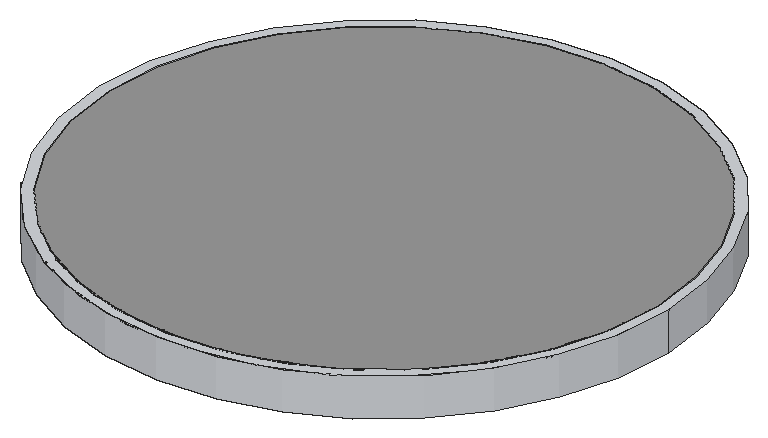
Revit family "2071247", category Lighting Fixtures, host Face, Revit 2018
Family settings
  Host = Face
  Round Connector Dimension = Use Diameter
  Part Type = Normal
  OmniClass Number = 23.80.70.00
  OmniClass Title = Lighting
  Cut with Voids When Loaded = No
  Light Source = Yes
  Shared = No
  Room Calculation Point = No
Parameters (values of type "2071247 COLOSSAL 900 840 PR DIR WHT SSA02")
  iner diameter = 856 mm
  Weight = "n/a"
  Wattage Comments = ""
  Wattage = 30 W
  WarrantyStartDate [instance] = "n/a"
  WarrantyGuarantorParts = "n/a"
  WarrantyDurationUnit = "n/a"
  WarrantyDurationParts = ""
  WarrantyDescription = "http://www.sylvania-lighting.com"
  built-in parameter 1150110 = 1 (stored number, unit not read)
  Voltage = 230 V
  URL = "0.99"
  TypeName = "COLOSSAL 900mm 840 PRISM DIR WHITE SSA02"
  Type Image = <None>
  Type Comments = "n/a"
  built-in parameter 1114217 = 1 (stored number, unit not read)
  Tilt Angle = -90.00°
  built-in parameter 1150109 = 1 (stored number, unit not read)
  built-in parameter 1150134 = (empty or 0)
  built-in parameter 1150113 = 1 (stored number, unit not read)
  SerialNumber [instance] = "n/a"
  Photometric Web File = "2071247.ies"
  Material_3_SYL = LED-Sylvania
  PowerFactor = 0
  PowerConsumption = "Lighting"
  NominalLength = 888 mm
  NominalHeight = 93 mm
  NominalDepth = 888 mm
  Name = "COLOSSAL 900mm 840 PRISM DIR WHITE SSA02"
  ModelReference = Name  # "COLOSSAL 900mm 840 PRISM DIR WHITE SSA02"
  ModelNumber = "2071247"
  Model = Name  # "COLOSSAL 900mm 840 PRISM DIR WHITE SSA02"
  Material = "Feilo Sylvania"
  ManufacturerName = "136 lm/W"
  Manufacturer = ""
  LuminousEfficacy = ""
  built-in parameter 1150105 = 270.44 (stored number, unit not read)
  Lumens = 3398.4 lm
  LuminaireType = "0"
  built-in parameter 1150115 = 1 (stored number, unit not read)
  LightOutputRatio = "LED"
  built-in parameter 1150137 = (empty or 0)
  built-in parameter 1150139 = (empty or 0)
  LampsType = Lamp  # "n/a"
  LampNominalLuminous = "4000 K"
  LampMacAdamStep = "80"
  LampColourTemperature = "LED"
  LampColourRenderingIndex = "16500"
  built-in parameter 1150112 = 1 (stored number, unit not read)
  built-in parameter 1150114 = 1 (stored number, unit not read)
  Lamp = "n/a"
  Keynote = "n/a"
  InstallationDate [instance] = "n/a"
  InputVoltage = "0"
  InputNominalFrequency = "4000"
  built-in parameter 1150132 = (empty or 0)
  built-in parameter 1150102 = (empty or 0)
  built-in parameter 1150107 = 3000 (stored number, unit not read)
  built-in parameter 1150138 = (empty or 0)
  IngressProtection = "IfcLightFixtureType"
  ImpactProtectionIndex = "IfcLightFixtureType"
  built-in parameter 1150106 = 2.7044 (stored number, unit not read)
  IfcExportType = "IfcLightFixtureType"
  IfcExportAs = "Class I"
  Emit from Circle Diameter = 385 mm
  Emit Shape Visible in Rendering = no
  ElectricShockClassification = "136"
  built-in parameter 1150104 = 10.524 (stored number, unit not read)
  DocumentationLiterature = "http://www.sylvania-lighting.com/product/en-int/products/2071247"
  DimmingControlOptions = "n/a"
  Material_2_SYL = Polycarbonate_Sylvania_White
  Dimming Lamp Color Temperature Shift = <None>
  Description = "900mm diameter circular architectural luminaire, can be surface mounted or suspended. Powder coated aluminium housing (RAL9016) with PMMA prismatic diffuser. Direct light distribution, 8170lm luminuous flux, 60W system power, 136lm/W luminiaire efficacy. Sylsmart Connected enabled. Colour rendering index Ra >80, 4000K Neutral White LED, chromaticity tolerance of 3-step MacAdam ellipse. IP40/IP20, IK03. 350mA drive current. UGR≤19. Electrical protection Class1, 220-240V. Reported lifetime 66k hours L90B10."
  Default Elevation = 1219.2 mm
  CreatedOn = "23/03/2022"
  CreatedBy = "@sylvania-lighting.com"
  Cost = 0
  Color Filter = 16777215
  built-in parameter 1114216 [instance] = (empty or 0)
  ClassificationValue = "EF_70_80"
  ClassificationName = "Uniclass2015"
  Material_1_SYL = Polycarbonate_Sylvania_Opal
  BarCode [instance] = "n/a"
  built-in parameter 1114218 = 1 (stored number, unit not read)
  built-in parameter 1150133 = 10 (stored number, unit not read)
  AssetType = "Fixed"
  AssetIdentifier [instance] = "n/a"
  Assembly Code = "D5020200"
  Apparent Load = 60 VA
  Material_4_SYL = none
Reference planes
  plane 1 "Center (Front/Back)": y = 0
  plane 2: z = 0
  plane 3 "Center (Left/Right)": x = 0
  plane 4: z = 1.161
  plane 5: z = 16.161
  plane 6: x = -444
  plane 7: x = 444
  plane 8: y = 444
  plane 9: y = -444
  plane 10: y = 236
  plane 11: y = -236
  plane 12: x = 85
  plane 13: x = -85
  plane 14: through (0, 0, 1219.2) normal (0.5, 0.866, 0)
  plane 15: through (42.5, 73.612, 1219.2) normal (0.5, 0.866, 0)
  plane 16: through (-42.5, -73.612, 1219.2) normal (0.5, 0.866, 0)
  plane 17: through (0, 0, 1219.2) normal (0.5, -0.866, 0)
  plane 18: through (-42.5, 73.612, 1219.2) normal (0.5, -0.866, 0)
  plane 19: through (42.5, -73.612, 1219.2) normal (0.5, -0.866, 0)
  plane 20: z = 93
  plane 21: y = 428
  plane 22: y = -428
Forms (mm)
  Extrusion 1, solid, detail levels medium+fine
    sketch origin (0, 0, 0) x (0.866025, -0.5, 0) y (0.5, 0.866025, 0)
      loop
        circle (-50, 86.603) r 22
    from 0 to 2
  Extrusion 2, solid, detail levels medium+fine
    sketch origin (0, 0, 0) x (0.866025, -0.5, 0) y (0.5, 0.866025, 0)
      loop
        circle (100, 0) r 22
      loop
        circle (-50, -86.603) r 22
    from 0 to 2
  Blend 3, solid, detail levels medium+fine
    base sketch origin (0, 0, 0) x (1, 0, 0) y (0, 1, 0)
      loop
        line (-85, 236) -> (-246.882, -44.388) -> (-161.882, -191.612) -> (161.882, -191.612) -> (246.882, -44.388) -> (85, 236) -> (-85, 236)
    top sketch origin (0, 0, 0) x (1, 0, 0) y (0, 1, 0)
      loop
        line (-85, 283.076) -> (-287.651, -67.926) -> (-207.792, -218.119) -> (207.792, -218.119) -> (292.5, -71.401) -> (85, 283.076) -> (-85, 283.076)
    from 0 to 33.022
  Extrusion 4, solid, detail levels medium+fine
    sketch origin (0, 0, 0) x (1, 0, 0) y (0, 1, 0)
      loop
        circle (0, 0) r 444
    from 33.022 to 93
  Extrusion 5, void
    sketch origin (0, 0, 0) x (1, 0, 0) y (0, 1, 0)
      loop
        circle (0, 0) r 428
    from 96.588 to 37.292
  Extrusion 6, solid, material "Glass, White, High Luminance", detail levels fine
    sketch origin (0, 0, 0) x (1, 0, 0) y (0, 1, 0)
      loop
        circle (0, 0) r 428
    from 87.991 to 93
  Extrusion 7, solid, detail levels coarse
    sketch origin (0, 0, 0) x (1, 0, 0) y (0, 1, 0)
      loop
        line (-444, 444) -> (-444, -444) -> (444, -444) -> (444, 444) -> (-444, 444)
    from 0 to 93.648
Cuts and joins
  Extrusion 5 cuts Extrusion 1
  Extrusion 5 cuts Extrusion 2
  Extrusion 5 cuts Blend 3
  Extrusion 5 cuts Extrusion 4
Lines and regions (mm)
  model lines, detail levels medium+fine
    curve 1: circle (0, 0, 0) r 100 normal (0, 0, 1)
Dimensions and locks
  "NominalDepth": plane 8 to plane 9
  plane 8 to plane 1 "Center (Front/Back)" to plane 9 = 444 mm, 444 mm
  "NominalLength": plane 6 to plane 7
  equal spacing: plane 6, plane 3 "Center (Left/Right)", plane 7
  "NominalHeight": level to plane 20
  "iner diameter": plane 21 to plane 22
  equal spacing: plane 21, plane 1 "Center (Front/Back)", plane 22
  aligned and locked: plane 2 to host face
  aligned and locked: level to host face
Automatic sketch dimensions
  host sketch curve to host sketch curve = 2438.4 mm  (x2)
  Extrusion 1 sketch curve to plane 3 "Center (Left/Right)" = 0 mm
  Extrusion 1 sketch curve to plane 1 "Center (Front/Back)" = 100 mm
  plane 1 "Center (Front/Back)" to Extrusion 2 sketch curve = 50 mm
  Extrusion 2 sketch curve to plane 3 "Center (Left/Right)" = 86.603 mm
  Extrusion 2 sketch curve to Extrusion 2 sketch curve = 150 mm
  Extrusion 2 sketch curve to Extrusion 2 sketch curve = 86.603 mm
  plane 1 "Center (Front/Back)" to curve 1 = 0 mm
  curve 1 to plane 3 "Center (Left/Right)" = 0 mm
  plane 18 to Blend 3 sketch curve = 0 mm  (x2)
  plane 19 to Blend 3 sketch curve = 0 mm  (x2)
  Blend 3 sketch curve to plane 10 = 0 mm
  Blend 3 sketch curve to plane 13 = 0 mm  (x2)
  Blend 3 sketch curve to plane 12 = 0 mm  (x2)
  Blend 3 sketch curve to plane 16 = 0 mm  (x2)
  Blend 3 sketch curve to plane 15 = 0 mm
  plane 11 to Blend 3 sketch curve = 44.388 mm
  plane 1 "Center (Front/Back)" to Blend 3 sketch curve = 44.388 mm  (x2)
  plane 11 to Blend 3 sketch curve = 17.881 mm
  plane 1 "Center (Front/Back)" to Blend 3 sketch curve = 67.926 mm
  plane 1 "Center (Front/Back)" to Blend 3 sketch curve = 71.401 mm
  Blend 3 sketch curve to plane 7 = 151.5 mm
  plane 10 to Blend 3 sketch curve = 47.076 mm
  plane 1 "Center (Front/Back)" to Extrusion 4 sketch curve = 0 mm
  Extrusion 4 sketch curve to plane 3 "Center (Left/Right)" = 0 mm
  plane 1 "Center (Front/Back)" to Extrusion 5 sketch curve = 0 mm
  Extrusion 5 sketch curve to plane 3 "Center (Left/Right)" = 0 mm
  plane 1 "Center (Front/Back)" to Extrusion 6 sketch curve = 0 mm
  Extrusion 6 sketch curve to plane 3 "Center (Left/Right)" = 0 mm
  Extrusion 7 sketch curve to plane 6 = 0 mm
  Extrusion 7 sketch curve to plane 7 = 0 mm
  Extrusion 7 sketch curve to plane 9 = 0 mm
  Extrusion 7 sketch curve to plane 8 = 0 mm
  radius of Extrusion 1 sketch curve = 22 mm
  radius of Extrusion 2 sketch curve = 22 mm  (x2)
  radius of curve 1 = 100 mm
  radius of Extrusion 4 sketch curve = 444 mm
  radius of Extrusion 5 sketch curve = 428 mm
  radius of Extrusion 6 sketch curve = 428 mm
Connectors
  electrical at (0, 0, 0), driven by "Apparent Load", driven by "PowerFactor", driven by "Voltage"
    settings: index 1, voltage 230 V, apparent load 60 VA, apparent load phase1 0 VA, apparent load phase2 0 VA, apparent load phase3 0 VA, power factor 0, load classification "Lighting", number of poles 1, system type 30, power factor state 1, is connector primary yes, connector utility no, sub classification motor no, connector description ""
